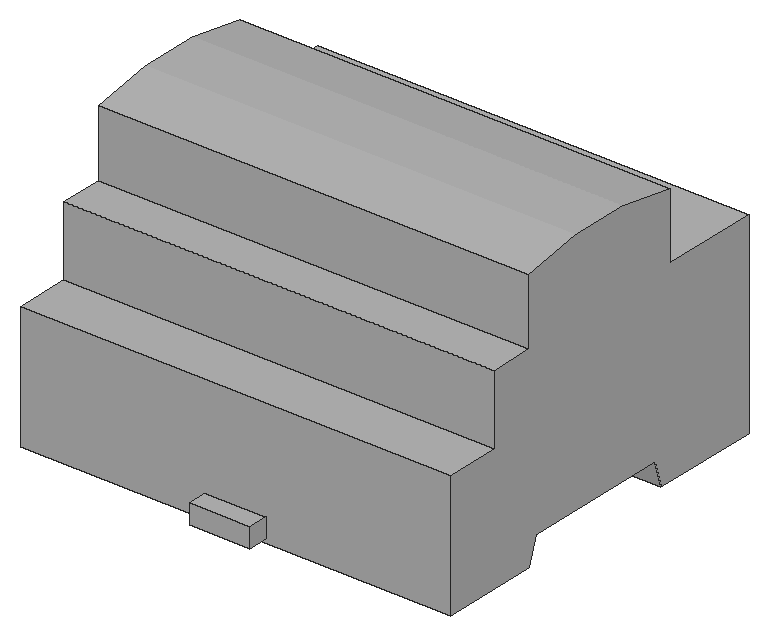
Revit family "PRD_FrankeWS_PwrSpplUnts_PowerSupply_ACEX9001", category Electrical Equipment, Revit 2018
Family settings
  Round Connector Dimension = Use Diameter
  Part Type = Transformer
  OmniClass Number = 23.45.55.11
  OmniClass Title = Sanitary Components
  Work Plane-Based = Yes
  Always vertical = No
  Cut with Voids When Loaded = No
  Shared = No
  Room Calculation Point = No
Parameters (values of type "ACEX9001 - 12V DC, 50.0W")
  WarrantyStartDate [instance] = "1900-12-31T23:59:59"
  WarrantyGuarantorParts = "n/a"
  WarrantyGuarantorLabor = "n/a"
  WarrantyDurationUnit = "year"
  WarrantyDurationParts = "n/a"
  WarrantyDurationLabor = "n/a"
  WarrantyDescription = "n/a"
  PowerSwitch = "no"
  Panel Name [instance] = "n/a"
  NominalDepth = 69 mm
  Voltage = "240"
  Version = "1"
  Uniclass2015Version = "Products v1.10"
  Uniclass2015Title = "Power supply products"
  Uniclass2015Code = "Pr_60_70"
  URL = "www.kwc.com"
  TagNumber [instance] = "n/a"
  SustainabilityPerformance = "n/a"
  Size = "69 x 95 x 109 mm"
  Shape = "n/a"
  SerialNumber [instance] = "n/a"
  SecondaryVoltage = 12 V
  SecondaryFrequency = 0 Hz
  SecondaryCurrentType = "DC"
  SecondaryCurrent = 0 A
  SecondaryApparentPower = 0 VA
  Revision = "n/a"
  ReplacementCost = "n/a"
  ProductInformation = "https://pim.kwc.com/product/2030039477/attachment/datasheet?locale=en"
  PrimaryVoltage = 240 V
  PrimaryFrequency = 50 Hz
  PrimaryCurrent = 0 A
  PrimaryApparentPower = 50 VA
  PowerSupplyMaterial = PRD_AR_SyntheticGrey
  NominalWidth = 109 mm
  NominalHeight = 95 mm
  NetWeight = 0.49 kg
  Name = "Power supply ACEX9001"
  NBSTypeID = "n/a"
  NBSReference = "90-70-05/390"
  NBSOfficeMasterTag = "n/a"
  NBSNote = "n/a"
  NBSDescription = "Power supply products"
  NBSCertification = "n/a"
  built-in parameter 1140081 [instance] = "n/a"
  ModelReference = "ACEX9001"
  ModelNumber = "2030039477"
  Model = ModelReference  # "ACEX9001"
  MaximumCableLength = "10 m"
  MaximumApparentPower = 50 VA
  Material = "n/a"
  ManufacturerURL = "www.kwc.com"
  ManufacturerName = "KWC Group AG"  # constant formula
  Manufacturer = ManufacturerName  # "KWC Group AG"
  InstallationDate [instance] = "1900-12-31T23:59:59"
  IfcExportType = "NOTDEFINED"
  IfcExportAs = "IfcTransformerType"
  IP_Code = "IP20"
  GrossWeight = 0.51 kg
  Grade = "n/a"
  Finish = "n/a"
  Features = "n/a"
  ExpectedLife = "n/a"
  built-in parameter 1140083 [instance] = "n/a"
  DurationUnit = "year"
  Description = "Mains unit, for central power supply, operating voltage 100-240 V AC, output voltage switchable between 7 V DC, 31.5 W or 12 V DC, 50 W."
  Default Elevation = 1219.2 mm
  CreateOn = "11/2018"  # constant formula
  Constituents = "n/a"
  Compatible A3000 = "no"
  Communication = "no"
  Color = "n/a"
  CodePerformance = "n/a"
  Category = "Pr_60_70, Power supply products"
  BarCode [instance] = "n/a"
  BIMObjectName = "PRD_AR_PowerSupplyUnits_PowerSupply_ACEX9001"
  Author = "Archispace"  # constant formula
  AssetType = "Fixed"
  AssetIdentifier [instance] = "n/a"
  AccessibilityPerformance = "n/a"
Types (2, lengths in mm): name | SecondaryVoltage | MaximumApparentPower
  ACEX9001 - 12V DC, 50.0W | 12 V | 50 VA
  ACEX9001 - 7V DC, 31.5W | 7 V | 31.5 VA
Reference planes
  plane 1 "Center (Front/Back)": y = 0
  plane 2: z = 0
  plane 3 "Center (Left/Right)": x = 0
Forms (mm)
  Extrusion 1, solid, material "PRD_AR_SyntheticGrey" <- "PowerSupplyMaterial", detail levels fine
    sketch origin (0, 0, 0) x (0, 1, 0) y (0, 0, 1)
      loop
        line (47.5, 0) -> (47.5, 50) -> (22.5, 50) -> (22.5, 67)
        arc (22.5, 67) -> (0, 70) -> (-22.5, 67) r 85.875
        line (-22.5, 67) -> (-22.5, 50) -> (-33.5, 50) -> (-33.5, 32) -> (-47.5, 32) -> (-47.5, 0) -> (-22.5, 0) -> (-20.5, 6.73) -> (17.5, 6.73) -> (19.5, 0) -> (47.5, 0)
    from -55 to 55
  Extrusion 2, solid, material "PRD_AR_SyntheticGrey" <- "PowerSupplyMaterial"
    sketch origin (0, 0, 0) x (1, 0, 0) y (0, 0, 1)
      loop
        line (7.7, 1) -> (7.7, 6) -> (-7.7, 6) -> (-7.7, 1) -> (7.7, 1)
    from 47.5 to 52.5
  Extrusion 3, solid, material "PRD_AR_SyntheticGrey" <- "PowerSupplyMaterial", detail levels coarse+medium
    sketch origin (0, 0, 0) x (0, 1, 0) y (0, 0, 1)
      loop
        line (47.5, 0) -> (47.5, 70) -> (-47.5, 70) -> (-47.5, 0) -> (47.5, 0)
    from -55 to 55
Dimensions and locks
  aligned and locked: level to plane 2
Connectors
  electrical at (0, 0, 0), driven by "PrimaryVoltage"
    settings: on Extrusion 3, index 1, voltage 240 V, apparent load 0 VA, apparent load phase1 0 VA, apparent load phase2 0 VA, apparent load phase3 0 VA, power factor 1, load classification "Inne", number of poles 1, system type 30, power factor state 1, is connector primary yes, connector utility no, sub classification motor no, connector description ""
